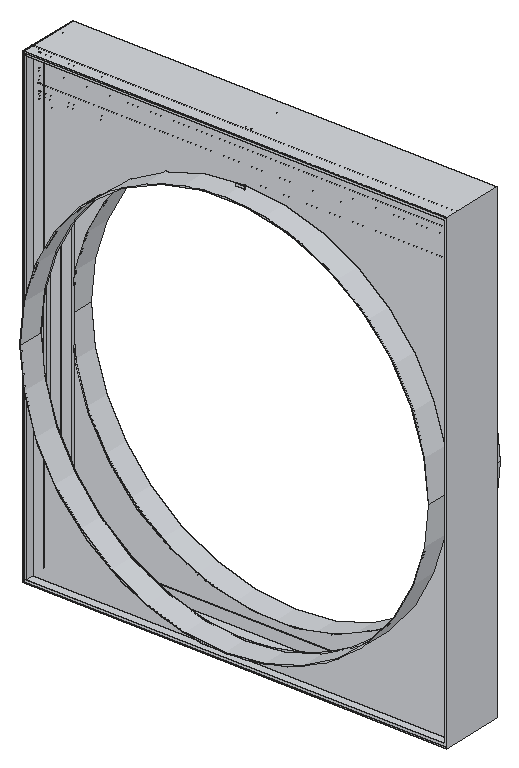
Revit family "FDD-C", category Mechanical Equipment, Revit 2015
Parameters
  URL = "http://unitedenertech.com/catalog/pdf/A-12%20%20FDD-C.pdf"
  Type Comments = "Max. Sizes are (Vertical 71\"w x 32\"h) (Horizontal 35\"w x 32\"h)"
  Radius OD [instance] = Radius + 0' 0 9/256"  # 1' - 0 9/256"
  Radius [instance] = Diameter / 2  # 1' - 0"
  Model = "FDD-C"
  Manufacturer = "United Enertech Corporation"
  Keynote = "Round Transitions Shown, Consult Factory for Models with Rectangular, or Oval Transitions"
  Exact Width = Diameter + 0' 1"  # 2' - 1"
  EFL Height [instance] = Blade Pair Number * 0' 0 13/32" + 0' 0 41/64"  # 0' - 3 31/64"
  Diameter = 2' - 0"
  Description = "Curtain Fire Damper for use in Static or Dynamic Systems"
  Damper Height = if(Diameter < 1' 8 1/4", Diameter + 0' 3", if(Diameter < 2' 8 1/4", Diameter + 0' 4", Diameter + 0' 4"))  # 2' - 4"
  Depth = 0' - 3 11/16"
  Center Mark [instance] = Radius + 0' 1"  # 1' - 1"
  Blade Width [instance] = Exact Width - 0' 0 1/8"  # 2' - 0 7/8"
  Blade Pair Number [instance] = (Damper Height - 0' 0 9/128") / 0' 3 7/8"  # 7
Reference planes (in)
  plane 1 "Center (Front/Back)": y = 0
  plane 2: z = 0
  plane 3 "Center (Left/Right)": x = 0
  plane 4: x = -12.5
  plane 5: x = 12.5
  plane 6: y = -1.84375
  plane 7: y = 1.84375
  plane 8: z = 28
  plane 9: x = -12.4641
  plane 10: x = 12.4641
  plane 11: z = 0.0359
  plane 12: z = 27.9641
  plane 13: y = 1.09375
  plane 14: y = -1.09375
  plane 15: y = -0.96875
  plane 16: y = 0.96875
  plane 17: z = 0.6609
  plane 18: x = -11.8391
  plane 19: x = 11.8391
  plane 20: z = 27.3391
  plane 21: x = -0.25
  plane 22: x = 0.25
  plane 23: z = 24.47973
  plane 24: z = 24.51563
  plane 25: z = 1
  plane 26: z = 13
  plane 27: y = -1.12965
  plane 28: y = 1.12965
  plane 29: y = -1.80785
  plane 30: y = 1.80785
  plane 31: y = -2.59375
  plane 32: y = 2.59375
  plane 33: x = -12.3391
  plane 34: x = 12.3391
  plane 35: z = 0.1609
  plane 36: z = 27.8391
Forms (in)
  Extrusion 1, solid
    sketch origin (0, 0, 0) x (1, 0, 0) y (0, 0, 1)
      loop
        line (-12.4641, 27.9641) -> (-12.4641, 0.0359) -> (12.4641, 0.0359) -> (12.4641, 27.9641) -> (-12.4641, 27.9641)
      loop
        line (-12.5, 28) -> (-12.5, 0) -> (12.5, 0) -> (12.5, 28) -> (-12.5, 28)
    from -1.84375 to 1.84375
  Extrusion 2, solid
    sketch origin (0, 0, 0) x (1, 0, 0) y (0, 0, 1)
      loop
        line (-11.8391, 27.3391) -> (-11.8391, 0.6609) -> (11.8391, 0.6609) -> (11.8391, 27.3391) -> (-11.8391, 27.3391)
      loop
        line (-12.4641, 27.9641) -> (-12.4641, 0.0359) -> (12.4641, 0.0359) -> (12.4641, 27.9641) -> (-12.4641, 27.9641)
    from 0.96875 to 1.09375
  Extrusion 3, solid
    sketch origin (0, 0, 0) x (1, 0, 0) y (0, 0, 1)
      loop
        line (-11.8391, 27.3391) -> (-11.8391, 0.6609) -> (11.8391, 0.6609) -> (11.8391, 27.3391) -> (-11.8391, 27.3391)
      loop
        line (-12.4641, 27.9641) -> (-12.4641, 0.0359) -> (12.4641, 0.0359) -> (12.4641, 27.9641) -> (-12.4641, 27.9641)
    from -1.09375 to -0.96875
  Extrusion 4, solid
    sketch origin (0, 0, 0) x (0, 1, 0) y (0, 0, 1)
      loop
        line (0.96875, 27.9641) -> (0.93285, 27.9641) -> (0.93285, 24.47973) -> (1.43285, 24.47973) -> (1.43285, 25.14848) -> (1.39695, 25.14848) -> (1.39695, 24.51563) -> (0.96875, 24.51563) -> (0.96875, 27.9641)
    from -0.25 to 0.25
  Extrusion 5, solid
    sketch origin (0, 0, 0) x (0, -1, 0) y (0, 0, -1)
      loop
        line (0.96875, -27.9641) -> (0.96875, -24.51563) -> (1.39695, -24.51563) -> (1.39695, -25.14848) -> (1.43285, -25.14848) -> (1.43285, -24.47973) -> (0.93285, -24.47973) -> (0.93285, -27.9641) -> (0.96875, -27.9641)
    from -0.25 to 0.25
  Extrusion 6, solid
    sketch origin (0, 0, 0) x (1, 0, 0) y (0, 0, 1)
      loop
        line (-12.5, 0) -> (12.5, 0) -> (12.5, 28) -> (-12.5, 28) -> (-12.5, 0)
    from 1.09375 to 1.12965
  Extrusion 7, solid
    sketch origin (0, 0, 0) x (1, 0, 0) y (0, 0, 1)
      loop
        line (-12.4641, 0.0359) -> (12.4641, 0.0359) -> (12.4641, 27.9641) -> (-12.4641, 27.9641) -> (-12.4641, 0.0359)
    from -1.12965 to -1.09375
  Extrusion 8, solid
    sketch origin (0, 0, 0) x (1, 0, 0) y (0, 0, 1)
      loop
        circle (0, 13) r 12
      loop
        circle (0, 13) r 12.03516
    from 1.12965 to 2.59375
  Extrusion 9, solid
    sketch origin (0, 0, 0) x (1, 0, 0) y (0, 0, -1)
      loop
        circle (0, -13) r 12
      loop
        circle (0, -13) r 12.03516
    from 1.12965 to 2.59375
  Extrusion 10, solid
    sketch origin (0, 0, 0) x (0, 1, 0) y (0, 0, 1)
      loop
        line (0.18683, 0.46965) -> (0.18683, 24.47973) -> (0.15093, 24.47973) -> (0.15093, 0.46965) -> (0.18683, 0.46965)
    from 11.8391 to 12.4641
  Extrusion 11, solid
    sketch origin (0, 0, 0) x (0, 1, 0) y (0, 0, 1)
      loop
        line (0.18683, 0.46965) -> (0.18683, 24.47973) -> (0.15093, 24.47973) -> (0.15093, 0.46965) -> (0.18683, 0.46965)
    from -11.8391 to -12.4641
  Extrusion 12, solid
    sketch origin (0, 0, 0) x (0, 1, 0) y (0, 0, 1)
      loop
        arc (0.18683, 24.47973) -> (0.08831, 24.87226) -> (-0.15941, 25.19229) r 0.98736
        line (-0.15941, 25.19229) -> (-0.18442, 25.16728)
        arc (-0.18442, 25.16728) -> (0.05139, 24.85674) -> (0.15093, 24.47973) r 1.00288
        line (0.15093, 24.47973) -> (0.18683, 24.47973)
    from 11.8391 to 12.4641
  Extrusion 13, solid
    sketch origin (0, 0, 0) x (0, 1, 0) y (0, 0, 1)
      loop
        arc (0.18683, 24.47973) -> (0.08831, 24.87226) -> (-0.15941, 25.19229) r 0.98736
        line (-0.15941, 25.19229) -> (-0.18442, 25.16728)
        arc (-0.18442, 25.16728) -> (0.05139, 24.85674) -> (0.15093, 24.47973) r 1.00288
        line (0.15093, 24.47973) -> (0.18683, 24.47973)
    from -12.4641 to -11.8391
  Extrusion 14, void
    sketch origin (0, 0, 0) x (1, 0, 0) y (0, 0, 1)
      loop
        circle (0, 13) r 12
    from -3.54736 to -1.09375
  Extrusion 15, void
    sketch origin (0, 0, 0) x (1, 0, 0) y (0, 0, -1)
      loop
        circle (0, -13) r 12
    from -3.54736 to -1.09375
  Extrusion 16, solid
    sketch origin (0, 0, 0) x (1, 0, 0) y (0, 0, 1)
      loop
        line (-12.4641, 27.9641) -> (-12.4641, 0.0359) -> (12.4641, 0.0359) -> (12.4641, 27.9641) -> (-12.4641, 27.9641)
      loop
        line (-12.3391, 27.8391) -> (-12.3391, 0.1609) -> (12.3391, 0.1609) -> (12.3391, 27.8391) -> (-12.3391, 27.8391)
    from -1.84375 to -1.80785
  Extrusion 17, solid
    sketch origin (0, 0, 0) x (1, 0, 0) y (0, 0, 1)
      loop
        line (-12.4641, 27.9641) -> (-12.4641, 0.0359) -> (12.4641, 0.0359) -> (12.4641, 27.9641) -> (-12.4641, 27.9641)
      loop
        line (-12.3391, 27.8391) -> (-12.3391, 0.1609) -> (12.3391, 0.1609) -> (12.3391, 27.8391) -> (-12.3391, 27.8391)
    from 1.84375 to 1.80785
Cuts and joins
  Extrusion 15 cuts Extrusion 3
  Extrusion 15 cuts Extrusion 4
  Extrusion 14, Extrusion 15 cuts Extrusion 7
  Extrusion 15 cuts Extrusion 9
  Extrusion 15 cuts Extrusion 6
Dimensions and locks (in)
  equal spacing: plane 4, plane 3 "Center (Left/Right)", plane 5
  "Exact Width": plane 4 to plane 5
  equal spacing: plane 7, plane 1 "Center (Front/Back)", plane 6
  "Depth": plane 7 to plane 6
  "Damper Height": plane 8 to level
  locked: plane 9 to plane 4 at 0.0359
  locked: plane 5 to plane 10 at 0.0359
  locked: plane 8 to plane 12 at 0.0359
  locked: plane 11 to level at 0.0359
  locked: plane 13 to plane 14 at 2.1875
  locked: plane 15 to plane 14 at 0.125
  locked: plane 13 to plane 16 at 0.125
  locked: plane 18 to plane 9 at 0.625
  locked: plane 10 to plane 19 at 0.625
  locked: plane 17 to plane 11 at 0.625
  locked: plane 12 to plane 20 at 0.625
  equal spacing: group 1, group 2, group 3, group 4, group 5, group 6, group 7  (x2)
  equal spacing: group 7, group 6, group 5, group 4, group 3, group 2, group 1
  locked: nested 1 to nested 2 at 0.40625
  "EFL Height": plane 12 to plane 23
  locked: plane 24 to plane 23 at 0.0359
  locked: plane 25 to level at 1
  "Center Mark": plane 26 to level
  locked: plane 14 to plane 27 at 0.0359
  locked: plane 13 to plane 28 at 0.0359
  locked: plane 29 to plane 6 at 0.0359
  locked: plane 7 to plane 30 at 0.0359
  locked: plane 6 to plane 31 at 0.75
  locked: plane 32 to plane 7 at 0.75
  locked: plane 9 to plane 33 at 0.125
  locked: plane 10 to plane 34 at 0.125
  locked: plane 35 to plane 11 at 0.125
  locked: plane 12 to plane 36 at 0.125
  "Radius OD": radius of Extrusion 8 sketch curve
  "Radius": radius of Extrusion 8 sketch curve
  "Radius OD": radius of Extrusion 9 sketch curve
  "Radius": radius of Extrusion 9 sketch curve
  "Radius": radius of Extrusion 14 sketch curve
  "Radius": radius of Extrusion 15 sketch curve
  aligned and locked: level to plane 2
  aligned and locked: level to Extrusion 1 sketch curve
  aligned and locked: Extrusion 1 sketch curve to plane 4
  aligned and locked: Extrusion 1 sketch curve to plane 5
  aligned and locked: Extrusion 1 sketch curve to plane 8
  aligned and locked: Extrusion 1 sketch curve to plane 12
  aligned and locked: Extrusion 1 sketch curve to plane 10
  aligned and locked: plane 11 to Extrusion 1 sketch curve
  aligned and locked: plane 9 to Extrusion 1 sketch curve
  aligned and locked: plane 7 to Extrusion 1
  aligned and locked: Extrusion 1 to plane 6
  aligned and locked: plane 11 to Extrusion 2 sketch curve
  aligned and locked: plane 9 to Extrusion 2 sketch curve
  aligned and locked: Extrusion 2 sketch curve to plane 10
  aligned and locked: Extrusion 2 sketch curve to plane 12
  aligned and locked: Extrusion 2 sketch curve to plane 20
  aligned and locked: Extrusion 2 sketch curve to plane 19
  aligned and locked: plane 17 to Extrusion 2 sketch curve
  aligned and locked: Extrusion 2 sketch curve to plane 18
  aligned and locked: plane 13 to Extrusion 3
  aligned and locked: Extrusion 3 to plane 16
  aligned and locked: plane 15 to Extrusion 2
  aligned and locked: Extrusion 2 to plane 14
  aligned and locked: plane 3 "Center (Left/Right)" to nested 1
  aligned and locked: plane 12 to nested 1
  aligned and locked: plane 21 to Extrusion 5
  aligned and locked: plane 21 to Extrusion 4
  aligned and locked: plane 22 to Extrusion 5
  aligned and locked: plane 22 to Extrusion 4
  aligned and locked: Extrusion 5 sketch curve to plane 23
  aligned and locked: plane 23 to Extrusion 4 sketch curve
  aligned and locked: plane 24 to Extrusion 4 sketch curve
  aligned and locked: Extrusion 5 sketch curve to plane 24
  aligned and locked: nested 3 to plane 24
  aligned and locked: Extrusion 6 sketch curve to level
  aligned and locked: plane 4 to Extrusion 6 sketch curve
  aligned and locked: plane 5 to Extrusion 6 sketch curve
  aligned and locked: plane 8 to Extrusion 6 sketch curve
  aligned and locked: nested 4 to plane 9
  aligned and locked: plane 10 to nested 5
  aligned and locked: Extrusion 10 sketch curve to plane 23
  aligned and locked: Extrusion 11 to plane 9
  aligned and locked: Extrusion 11 to plane 18
  aligned and locked: Extrusion 10 to plane 19
  aligned and locked: Extrusion 10 to plane 10
  aligned and locked: Extrusion 12 sketch curve to plane 23
  aligned and locked: Extrusion 13 to plane 9
  aligned and locked: Extrusion 13 to plane 18
  aligned and locked: plane 10 to Extrusion 12
  aligned and locked: Extrusion 12 to plane 19
  aligned and locked: Extrusion 7 to plane 10
  aligned and locked: plane 12 to Extrusion 7
  aligned and locked: Extrusion 7 to plane 9
  aligned and locked: Extrusion 7 to plane 11
  aligned and locked: Extrusion 7 to plane 13
  aligned and locked: Extrusion 7 to plane 28
  aligned and locked: Extrusion 9 to plane 32
  aligned and locked: Extrusion 8 to plane 31
  aligned and locked: plane 27 to Extrusion 8
  aligned and locked: plane 28 to Extrusion 9
  aligned and locked: Extrusion 14 to plane 13
  aligned and locked: plane 14 to Extrusion 15
  aligned and locked: Extrusion 16 sketch curve to plane 35
  aligned and locked: Extrusion 16 sketch curve to plane 36
  aligned and locked: Extrusion 16 sketch curve to plane 33
  aligned and locked: Extrusion 16 sketch curve to plane 34
  aligned and locked: Extrusion 16 sketch curve to plane 10
  aligned and locked: plane 11 to Extrusion 16 sketch curve
  aligned and locked: plane 9 to Extrusion 16 sketch curve
  aligned and locked: Extrusion 16 sketch curve to plane 12
  aligned and locked: plane 7 to Extrusion 16
  aligned and locked: Extrusion 16 to plane 30
  aligned and locked: Extrusion 17 to plane 29
  aligned and locked: Extrusion 17 to plane 6
Automatic sketch dimensions
  Extrusion 3 sketch curve to plane 9 = 0' - 0"
  Extrusion 3 sketch curve to plane 17 = 0' - 0"
  plane 18 to Extrusion 3 sketch curve = 0' - 0"
  Extrusion 3 sketch curve to plane 19 = 0' - 0"
  plane 10 to Extrusion 3 sketch curve = 0' - 0"
  Extrusion 3 sketch curve to plane 11 = 0' - 0"
  Extrusion 3 sketch curve to plane 20 = 0' - 0"
  Extrusion 3 sketch curve to plane 12 = 0' - 0"
  Extrusion 4 sketch curve to plane 12 = 0' - 0"
  Extrusion 4 sketch curve to plane 16 = 0' - 0"
  Extrusion 4 sketch curve to plane 16 = 0' - 0.0359"
  Extrusion 4 sketch curve to plane 28 = 0' - 0.2673"
  Extrusion 4 sketch curve to Extrusion 4 sketch curve = 0' - 0.0359"
  plane 24 to Extrusion 4 sketch curve = 0' - 0.63285"
  Extrusion 5 sketch curve to plane 12 = 0' - 0"
  Extrusion 5 sketch curve to plane 15 = 0' - 0"
  Extrusion 5 sketch curve to plane 15 = 0' - 0.0359"
  plane 27 to Extrusion 5 sketch curve = 0' - 0.2673"
  Extrusion 5 sketch curve to Extrusion 5 sketch curve = 0' - 0.0359"
  Extrusion 5 sketch curve to plane 24 = 0' - 0.63285"
  Extrusion 7 sketch curve to plane 9 = 0' - 0"
  Extrusion 7 sketch curve to plane 10 = 0' - 0"
  Extrusion 7 sketch curve to plane 11 = 0' - 0"
  Extrusion 7 sketch curve to plane 12 = 0' - 0"
  Extrusion 10 sketch curve to plane 1 "Center (Front/Back)" = 0' - 0.15093"
  Extrusion 10 sketch curve to Extrusion 10 sketch curve = 0' - 0.0359"
  Extrusion 10 sketch curve to plane 17 = 0' - 0.19125"
  Extrusion 11 sketch curve to plane 23 = 0' - 0"
  Extrusion 11 sketch curve to plane 1 "Center (Front/Back)" = 0' - 0.15093"
  Extrusion 11 sketch curve to Extrusion 11 sketch curve = 0' - 0.0359"
  Extrusion 11 sketch curve to plane 17 = 0' - 0.19125"
  plane 15 to Extrusion 12 sketch curve = 0' - 0.11876"
  Extrusion 12 sketch curve to Extrusion 12 sketch curve = 0' - 0.05023"
  plane 1 "Center (Front/Back)" to Extrusion 12 sketch curve = 0' - 0.18442"
  Extrusion 12 sketch curve to Extrusion 12 sketch curve = 0' - 0.02501"
  Extrusion 12 sketch curve to plane 1 "Center (Front/Back)" = 0' - 0.15093"
  Extrusion 12 sketch curve to Extrusion 12 sketch curve = 0' - 0.0359"
  Extrusion 12 sketch curve to plane 23 = 0' - 0.03898"
  Extrusion 12 sketch curve to Extrusion 12 sketch curve = 0' - 0.02364"
  Extrusion 13 sketch curve to plane 23 = 0' - 0"
  plane 15 to Extrusion 13 sketch curve = 0' - 0.11876"
  Extrusion 13 sketch curve to Extrusion 13 sketch curve = 0' - 0.05023"
  plane 1 "Center (Front/Back)" to Extrusion 13 sketch curve = 0' - 0.18442"
  Extrusion 13 sketch curve to Extrusion 13 sketch curve = 0' - 0.02501"
  Extrusion 13 sketch curve to plane 1 "Center (Front/Back)" = 0' - 0.15093"
  Extrusion 13 sketch curve to Extrusion 13 sketch curve = 0' - 0.0359"
  Extrusion 13 sketch curve to plane 23 = 0' - 0.03898"
  Extrusion 13 sketch curve to Extrusion 13 sketch curve = 0' - 0.02364"
  Extrusion 17 sketch curve to plane 9 = 0' - 0"
  plane 33 to Extrusion 17 sketch curve = 0' - 0"
  Extrusion 17 sketch curve to plane 34 = 0' - 0"
  Extrusion 17 sketch curve to plane 10 = 0' - 0"
  Extrusion 17 sketch curve to plane 11 = 0' - 0"
  Extrusion 17 sketch curve to plane 35 = 0' - 0"
  Extrusion 17 sketch curve to plane 36 = 0' - 0"
  Extrusion 17 sketch curve to plane 12 = 0' - 0"
  Extrusion 8 sketch curve to Extrusion 8 sketch curve = 0' - 0"  (x2)
  Extrusion 8 sketch curve to plane 3 "Center (Left/Right)" = 0' - 0"
  Extrusion 8 sketch curve to plane 26 = 0' - 0"
  Extrusion 9 sketch curve to Extrusion 9 sketch curve = 0' - 0"  (x2)
  Extrusion 9 sketch curve to plane 3 "Center (Left/Right)" = 0' - 0"
  Extrusion 9 sketch curve to plane 26 = 0' - 0"
  Extrusion 14 sketch curve to plane 3 "Center (Left/Right)" = 0' - 0"
  Extrusion 14 sketch curve to plane 26 = 0' - 0"
  Extrusion 15 sketch curve to plane 3 "Center (Left/Right)" = 0' - 0"
  Extrusion 15 sketch curve to plane 26 = 0' - 0"
Nested families (in)
  nested 1: "FD-SALB BLADESEDITED" at (0, 1.17008, 27.12138), type "FD-SALB BLADESEDITED"
    with Blade Width 2' - 0 7/8"
  nested 2: "FD-SALB BLADESEDITED" at (0, 1.17008, 26.71513), type "FD-SALB BLADESEDITED"
    with Blade Width 2' - 0 7/8"
  nested 3: "EFL" at (4.62017, 3.54736, 24.51563), type "EFL"
  nested 4: "Fire Damper Spring" at (-11.91019, -4.48368, -2.82915) x (0, 1, 0) z (0, 0, 1), type "Fire Damper Spring"
  nested 5: "Fire Damper Spring" at (11.91019, -4.48368, -2.82915) x (0, 1, 0) z (0, 0, 1), type "Fire Damper Spring"
  nested 6: "FD-SALB BLADESEDITED" at (0, 1.17008, 26.30888), type "FD-SALB BLADESEDITED"
    with Blade Width 2' - 0 7/8"
  nested 7: "FD-SALB BLADESEDITED" at (0, 1.17008, 25.90263), type "FD-SALB BLADESEDITED"
    with Blade Width 2' - 0 7/8"
  nested 8: "FD-SALB BLADESEDITED" at (0, 1.17008, 25.49638), type "FD-SALB BLADESEDITED"
    with Blade Width 2' - 0 7/8"
  nested 9: "FD-SALB BLADESEDITED" at (0, 1.17008, 25.09013), type "FD-SALB BLADESEDITED"
    with Blade Width 2' - 0 7/8"
  nested 10: "FD-SALB BLADESEDITED" at (0, 1.17008, 24.68388), type "FD-SALB BLADESEDITED"
    with Blade Width 2' - 0 7/8"
Definition of nested family "FD-SALB BLADESEDITED"
  Parameters (values of type "FD-SALB BLADESEDITED")
    Blade Width = 1' - 11 7/8"
  Reference planes (in)
    plane 1 "Center (Front/Back)": y = 0
    plane 2: z = 0
    plane 3 "Center (Left/Right)": x = 0
    plane 4: x = -11.9375
    plane 5: x = 11.9375
  Forms (in)
    Extrusion 1, solid
      sketch origin (0, 0, 0) x (0, 1, 0) y (0, 0, 1)
        loop
          line (-0.31672, 0.53073) -> (-0.3446, 0.62657)
          arc (-0.3446, 0.62657) -> (-0.33726, 0.6415) -> (-0.32269, 0.63348) r 0.0115
          line (-0.32269, 0.63348) -> (-0.30545, 0.53536)
          arc (-0.30545, 0.53536) -> (-0.31611, 0.49773) -> (-0.35217, 0.48264) r 0.045
          line (-0.35217, 0.48264) -> (-0.39872, 0.48554)
          arc (-0.39872, 0.48554) -> (-0.42675, 0.49692) -> (-0.44125, 0.52348) r 0.045
          line (-0.44125, 0.52348) -> (-0.47071, 0.66865)
          arc (-0.47071, 0.66865) -> (-0.48965, 0.70349) -> (-0.5262, 0.7189) r 0.06
          line (-0.5262, 0.7189) -> (-1.55698, 0.78305) -> (-1.76244, 0.79584)
          arc (-1.76244, 0.79584) -> (-1.79846, 0.78683) -> (-1.82228, 0.75836) r 0.06
          line (-1.82228, 0.75836) -> (-1.88016, 0.61423)
          arc (-1.88016, 0.61423) -> (-1.90974, 0.57877) -> (-1.95445, 0.56733) r 0.075
          arc (-1.95445, 0.56733) -> (-2.03902, 0.60869) -> (-2.06957, 0.69773) r 0.123
          line (-2.06957, 0.69773) -> (-2.06418, 0.78456)
          arc (-2.06418, 0.78456) -> (-2.05371, 0.80551) -> (-2.03138, 0.81256) r 0.03
          line (-2.03138, 0.81256) -> (-1.90763, 0.80489) -> (-1.90763, 0.8362) -> (-2.01284, 0.84272) -> (-2.04641, 0.84272)
          arc (-2.04641, 0.84272) -> (-2.08042, 0.82292) -> (-2.09536, 0.7865) r 0.06125
          line (-2.09536, 0.7865) -> (-2.10077, 0.69966)
          arc (-2.10077, 0.69966) -> (-2.06244, 0.58801) -> (-1.95639, 0.53614) r 0.15425
          arc (-1.95639, 0.53614) -> (-1.89306, 0.55235) -> (-1.8512, 0.60257) r 0.10625
          line (-1.8512, 0.60257) -> (-1.7933, 0.74674)
          arc (-1.7933, 0.74674) -> (-1.78183, 0.76038) -> (-1.76452, 0.76466) r 0.02875
          line (-1.76452, 0.76466) -> (-1.55892, 0.75186) -> (-0.52813, 0.68773)
          arc (-0.52813, 0.68773) -> (-0.51045, 0.68016) -> (-0.50148, 0.66314) r 0.02875
          line (-0.50148, 0.66314) -> (-0.47199, 0.51784)
          arc (-0.47199, 0.51784) -> (-0.4474, 0.47346) -> (-0.4004, 0.45434) r 0.07625
          line (-0.4004, 0.45434) -> (-0.35398, 0.45144)
          arc (-0.35398, 0.45144) -> (-0.29278, 0.47694) -> (-0.27468, 0.54073) r 0.07625
          line (-0.27468, 0.54073) -> (-0.29191, 0.63889)
          arc (-0.29191, 0.63889) -> (-0.33988, 0.67434) -> (-0.37768, 0.6282) r 0.04327
          line (-0.37768, 0.6282) -> (-0.34677, 0.52199) -> (-0.31672, 0.53073)
      from -11.9375 to 11.9375
    Extrusion 2, solid
      sketch origin (0, 0, 0) x (0, 1, 0) y (0, 0, 1)
        loop
          arc (-0.31635, 0.67497) -> (-0.29361, 0.66856) -> (-0.28256, 0.64768) r 0.03
          line (-0.28256, 0.64768) -> (-0.2714, 0.56286)
          arc (-0.2714, 0.56286) -> (-0.29582, 0.47194) -> (-0.37737, 0.42491) r 0.123
          arc (-0.37737, 0.42491) -> (-0.42275, 0.43328) -> (-0.45469, 0.46664) r 0.075
          line (-0.45469, 0.46664) -> (-0.52225, 0.60648)
          arc (-0.52225, 0.60648) -> (-0.54755, 0.63305) -> (-0.58358, 0.63992) r 0.06
          line (-0.58358, 0.63992) -> (-0.78858, 0.61304) -> (-1.81262, 0.47877)
          arc (-1.81262, 0.47877) -> (-1.84723, 0.46173) -> (-1.86432, 0.42714) r 0.06
          line (-1.86432, 0.42714) -> (-1.88437, 0.27537)
          arc (-1.88437, 0.27537) -> (-1.89734, 0.2499) -> (-1.92301, 0.23735) r 0.045
          line (-1.92301, 0.23735) -> (-1.96868, 0.2314)
          arc (-1.96868, 0.2314) -> (-2.00696, 0.24361) -> (-2.02023, 0.28153) r 0.045
          line (-2.02023, 0.28153) -> (-2.00995, 0.379)
          arc (-2.00995, 0.379) -> (-1.99657, 0.38882) -> (-1.98728, 0.37505) r 0.0115
          line (-1.98728, 0.37505) -> (-2.00879, 0.27676) -> (-1.97772, 0.26996) -> (-1.95543, 0.37179)
          arc (-1.95543, 0.37179) -> (-1.99381, 0.41919) -> (-2.04121, 0.38081) r 0.04313
          line (-2.04121, 0.38081) -> (-2.05127, 0.28509)
          arc (-2.05127, 0.28509) -> (-2.02877, 0.22122) -> (-1.96431, 0.20045) r 0.07625
          line (-1.96431, 0.20045) -> (-1.91897, 0.20638)
          arc (-1.91897, 0.20638) -> (-1.87533, 0.22771) -> (-1.85342, 0.27106) r 0.07625
          line (-1.85342, 0.27106) -> (-1.83333, 0.42305)
          arc (-1.83333, 0.42305) -> (-1.82514, 0.43962) -> (-1.80853, 0.44779) r 0.02875
          line (-1.80853, 0.44779) -> (-0.78452, 0.58205) -> (-0.57967, 0.60892)
          arc (-0.57967, 0.60892) -> (-0.56246, 0.60559) -> (-0.55039, 0.5929) r 0.02875
          line (-0.55039, 0.5929) -> (-0.48278, 0.45303)
          arc (-0.48278, 0.45303) -> (-0.4376, 0.40578) -> (-0.37331, 0.39393) r 0.10625
          arc (-0.37331, 0.39393) -> (-0.27103, 0.4529) -> (-0.24041, 0.56695) r 0.15425
          line (-0.24041, 0.56695) -> (-0.2515, 0.65113)
          arc (-0.2515, 0.65113) -> (-0.27433, 0.69316) -> (-0.32041, 0.70596) r 0.06125
          line (-0.32041, 0.70596) -> (-0.44437, 0.68971) -> (-0.44031, 0.65872) -> (-0.31635, 0.67497)
      from -11.9375 to 11.9375
  Dimensions and locks (in)
    equal spacing: plane 4, plane 3 "Center (Left/Right)", plane 5
    "Blade Width": plane 4 to plane 5
    aligned and locked: level to plane 2
    aligned and locked: plane 4 to Extrusion 1
    aligned and locked: plane 4 to Extrusion 2
    aligned and locked: plane 5 to Extrusion 1
    aligned and locked: plane 5 to Extrusion 2
  Automatic sketch dimensions
    Extrusion 2 sketch curve to Extrusion 2 sketch curve = 0' - 0"  (x35)
    level to Extrusion 2 sketch curve = 0' - 0.28509"
    plane 1 "Center (Front/Back)" to Extrusion 2 sketch curve = 0' - 2.05127"
    level to Extrusion 2 sketch curve = 0' - 0.38081"
    Extrusion 2 sketch curve to Extrusion 2 sketch curve = 0' - 0.01006"
    level to Extrusion 2 sketch curve = 0' - 0.28153"
    Extrusion 2 sketch curve to Extrusion 2 sketch curve = 0' - 0.03105"
    level to Extrusion 2 sketch curve = 0' - 0.27676"
    Extrusion 2 sketch curve to Extrusion 2 sketch curve = 0' - 0.01143"  (x2)
    Extrusion 2 sketch curve to Extrusion 2 sketch curve = 0' - 0.04266"
    Extrusion 2 sketch curve to Extrusion 2 sketch curve = 0' - 0.00023"
    level to Extrusion 2 sketch curve = 0' - 0.26996"
    Extrusion 2 sketch curve to Extrusion 2 sketch curve = 0' - 0.03107"
    Extrusion 2 sketch curve to Extrusion 2 sketch curve = 0' - 0.00213"
    level to Extrusion 2 sketch curve = 0' - 0.2314"
    Extrusion 2 sketch curve to Extrusion 2 sketch curve = 0' - 0.00904"
    level to Extrusion 2 sketch curve = 0' - 0.20045"
    level to Extrusion 2 sketch curve = 0' - 0.37179"
    Extrusion 2 sketch curve to Extrusion 2 sketch curve = 0' - 0.0467"
    level to Extrusion 2 sketch curve = 0' - 0.27537"
    Extrusion 2 sketch curve to Extrusion 2 sketch curve = 0' - 0.04451"
    level to Extrusion 2 sketch curve = 0' - 0.27106"
    Extrusion 2 sketch curve to Extrusion 2 sketch curve = 0' - 0.03095"
    Extrusion 2 sketch curve to Extrusion 2 sketch curve = 0' - 0.0486"
    plane 1 "Center (Front/Back)" to Extrusion 2 sketch curve = 0' - 0.78452"
    Extrusion 2 sketch curve to Extrusion 2 sketch curve = 0' - 0.20094"
    Extrusion 2 sketch curve to Extrusion 2 sketch curve = 0' - 0 1/256"  (x2)
    Extrusion 2 sketch curve to Extrusion 2 sketch curve = 0' - 0.0034"
    Extrusion 2 sketch curve to Extrusion 2 sketch curve = 0' - 0.13921"
    Extrusion 2 sketch curve to Extrusion 2 sketch curve = 0' - 0.00406"  (x3)
    Extrusion 2 sketch curve to Extrusion 2 sketch curve = 0' - 0.04695"
    Extrusion 2 sketch curve to Extrusion 2 sketch curve = 0' - 0.00624"
    Extrusion 2 sketch curve to Extrusion 2 sketch curve = 0' - 0.0809"
    Extrusion 2 sketch curve to Extrusion 2 sketch curve = 0' - 0.0299"
    Extrusion 2 sketch curve to Extrusion 2 sketch curve = 0' - 0.03106"
    Extrusion 2 sketch curve to Extrusion 2 sketch curve = 0' - 0.00661"
    Extrusion 2 sketch curve to Extrusion 2 sketch curve = 0' - 0.00119"
    Extrusion 2 sketch curve to Extrusion 2 sketch curve = 0' - 0.14822"
    level to Extrusion 2 sketch curve = 0' - 0.49927"
    Extrusion 2 sketch curve to Extrusion 2 sketch curve = 0' - 0.04759"
    Extrusion 2 sketch curve to Extrusion 2 sketch curve = 0' - 0.0335"
    Extrusion 2 sketch curve to Extrusion 2 sketch curve = 0' - 0.00168"
    Extrusion 2 sketch curve to Extrusion 2 sketch curve = 0' - 0.02855"
    Extrusion 2 sketch curve to Extrusion 2 sketch curve = 0' - 0.031"
    Extrusion 2 sketch curve to Extrusion 2 sketch curve = 0' - 0.09835"
    Extrusion 2 sketch curve to Extrusion 2 sketch curve = 0' - 0.00246"
    Extrusion 2 sketch curve to Extrusion 2 sketch curve = 0' - 0.00345"
    Extrusion 2 sketch curve to Extrusion 2 sketch curve = 0' - 0.11186"
    Extrusion 2 sketch curve to Extrusion 2 sketch curve = 0' - 0.03098"  (x3)
    level to Extrusion 2 sketch curve = 0' - 0.37898"
    Extrusion 2 sketch curve to Extrusion 2 sketch curve = 0' - 0.00003"  (x4)
    Extrusion 2 sketch curve to Extrusion 2 sketch curve = 0' - 0.01101"
    level to Extrusion 2 sketch curve = 0' - 0.37505"
    Extrusion 2 sketch curve to Extrusion 2 sketch curve = 0' - 0.00585"
    level to Extrusion 2 sketch curve = 0' - 0.23735"
    Extrusion 2 sketch curve to Extrusion 2 sketch curve = 0' - 0.00404"
    level to Extrusion 2 sketch curve = 0' - 0.20636"
    level to Extrusion 2 sketch curve = 0' - 0.42714"
    Extrusion 2 sketch curve to Extrusion 2 sketch curve = 0' - 0.0595"
    level to Extrusion 2 sketch curve = 0' - 0.42305"
    Extrusion 2 sketch curve to Extrusion 2 sketch curve = 0' - 0.02852"
    Extrusion 2 sketch curve to Extrusion 2 sketch curve = 0' - 0.0207"
    level to Extrusion 2 sketch curve = 0' - 0.47878"
    Extrusion 2 sketch curve to Extrusion 2 sketch curve = 0' - 0.00374"
    level to Extrusion 2 sketch curve = 0' - 0.44779"
    Extrusion 2 sketch curve to Extrusion 2 sketch curve = 0' - 0.02588"
    Extrusion 2 sketch curve to Extrusion 2 sketch curve = 0' - 0.02814"
    Extrusion 2 sketch curve to Extrusion 2 sketch curve = 0' - 0.0957"
    Extrusion 2 sketch curve to Extrusion 2 sketch curve = 0' - 0.00004"  (x2)
    Extrusion 2 sketch curve to Extrusion 2 sketch curve = 0' - 0.02809"
    Extrusion 2 sketch curve to Extrusion 2 sketch curve = 0' - 0.00975"
    Extrusion 2 sketch curve to Extrusion 2 sketch curve = 0' - 0.00796"
    Extrusion 2 sketch curve to Extrusion 2 sketch curve = 0' - 0.01116"
    Extrusion 2 sketch curve to Extrusion 2 sketch curve = 0' - 0.00002"
    Extrusion 1 sketch curve to Extrusion 1 sketch curve = 0' - 0"  (x30)
    level to Extrusion 1 sketch curve = 0' - 0.7827"
    plane 1 "Center (Front/Back)" to Extrusion 1 sketch curve = 0' - 2.03423"
    Extrusion 1 sketch curve to Extrusion 1 sketch curve = 0' - 0.00284"
    Extrusion 1 sketch curve to Extrusion 1 sketch curve = 0' - 0.01854"
    Extrusion 1 sketch curve to Extrusion 1 sketch curve = 0' - 0.08443"
    Extrusion 1 sketch curve to Extrusion 1 sketch curve = 0' - 0.00298"
    Extrusion 1 sketch curve to Extrusion 1 sketch curve = 0' - 0.03918"
    Extrusion 1 sketch curve to Extrusion 1 sketch curve = 0' - 0.14102"
    level to Extrusion 1 sketch curve = 0' - 0.76466"
    Extrusion 1 sketch curve to Extrusion 1 sketch curve = 0' - 0.00209"
    level to Extrusion 1 sketch curve = 0' - 0.79584"
    Extrusion 1 sketch curve to Extrusion 1 sketch curve = 0' - 0.00208"  (x2)
    level to Extrusion 1 sketch curve = 0' - 0.75186"
    Extrusion 1 sketch curve to Extrusion 1 sketch curve = 0' - 0.2056"
    Extrusion 1 sketch curve to Extrusion 1 sketch curve = 0' - 0.00194"  (x2)
    plane 1 "Center (Front/Back)" to Extrusion 1 sketch curve = 0' - 0.52993"
    Extrusion 1 sketch curve to Extrusion 1 sketch curve = 0' - 0.02845"
    Extrusion 1 sketch curve to Extrusion 1 sketch curve = 0' - 0.02949"
    Extrusion 1 sketch curve to Extrusion 1 sketch curve = 0' - 0.03077"  (x2)
    Extrusion 1 sketch curve to Extrusion 1 sketch curve = 0' - 0.03074"
    Extrusion 1 sketch curve to Extrusion 1 sketch curve = 0' - 0.04085"
    Extrusion 1 sketch curve to Extrusion 1 sketch curve = 0' - 0.00168"
    Extrusion 1 sketch curve to Extrusion 1 sketch curve = 0' - 0.04445"
    Extrusion 1 sketch curve to Extrusion 1 sketch curve = 0' - 0.01912"
    Extrusion 1 sketch curve to Extrusion 1 sketch curve = 0' - 0.04641"
    Extrusion 1 sketch curve to Extrusion 1 sketch curve = 0' - 0.00182"
    Extrusion 1 sketch curve to Extrusion 1 sketch curve = 0' - 0.00238"
    Extrusion 1 sketch curve to Extrusion 1 sketch curve = 0' - 0.00302"
    Extrusion 1 sketch curve to Extrusion 1 sketch curve = 0' - 0.03307"
    Extrusion 1 sketch curve to Extrusion 1 sketch curve = 0' - 0.01008"
    Extrusion 1 sketch curve to Extrusion 1 sketch curve = 0' - 0.00072"
    Extrusion 1 sketch curve to Extrusion 1 sketch curve = 0' - 0.01112"
    Extrusion 1 sketch curve to Extrusion 1 sketch curve = 0' - 0.03006"
    Extrusion 1 sketch curve to Extrusion 1 sketch curve = 0' - 0.03078"
    Extrusion 1 sketch curve to Extrusion 1 sketch curve = 0' - 0.02867"
    Extrusion 1 sketch curve to Extrusion 1 sketch curve = 0' - 0.09261"
    level to Extrusion 1 sketch curve = 0' - 0.66865"
    Extrusion 1 sketch curve to Extrusion 1 sketch curve = 0' - 0.00551"
    Extrusion 1 sketch curve to Extrusion 1 sketch curve = 0' - 0.00412"
    Extrusion 1 sketch curve to Extrusion 1 sketch curve = 0' - 0.04791"
    Extrusion 1 sketch curve to Extrusion 1 sketch curve = 0' - 0.02976"
    Extrusion 1 sketch curve to Extrusion 1 sketch curve = 0' - 0.00541"
    Extrusion 1 sketch curve to Extrusion 1 sketch curve = 0' - 0.00087"
    Extrusion 1 sketch curve to Extrusion 1 sketch curve = 0' - 0.00852"
    Extrusion 1 sketch curve to Extrusion 1 sketch curve = 0' - 0.00559"
    Extrusion 1 sketch curve to Extrusion 1 sketch curve = 0' - 0.00702"
    Extrusion 1 sketch curve to Extrusion 1 sketch curve = 0' - 0.00564"
    Extrusion 1 sketch curve to Extrusion 1 sketch curve = 0' - 0.03935"
    Extrusion 1 sketch curve to Extrusion 1 sketch curve = 0' - 0.0312"
    Extrusion 1 sketch curve to Extrusion 1 sketch curve = 0' - 0.03119"
    Extrusion 1 sketch curve to Extrusion 1 sketch curve = 0' - 0.1148"
    Extrusion 1 sketch curve to Extrusion 1 sketch curve = 0' - 0.03131"
    Extrusion 1 sketch curve to Extrusion 1 sketch curve = 0' - 0.02994"
    level to Extrusion 1 sketch curve = 0' - 0.78456"
    Extrusion 1 sketch curve to Extrusion 1 sketch curve = 0' - 0.00539"
    level to Extrusion 1 sketch curve = 0' - 0.69772"
    Extrusion 1 sketch curve to Extrusion 1 sketch curve = 0' - 0.03117"
    Extrusion 1 sketch curve to Extrusion 1 sketch curve = 0' - 0.03118"
    level to Extrusion 1 sketch curve = 0' - 0.69966"
    Extrusion 1 sketch curve to Extrusion 1 sketch curve = 0' - 0.03357"
    Extrusion 1 sketch curve to Extrusion 1 sketch curve = 0' - 0.0066"
    Extrusion 1 sketch curve to Extrusion 1 sketch curve = 0' - 0.06959"
    level to Extrusion 1 sketch curve = 0' - 0.61423"
    Extrusion 1 sketch curve to Extrusion 1 sketch curve = 0' - 0.00004"  (x2)
    Extrusion 1 sketch curve to Extrusion 1 sketch curve = 0' - 0.02896"
    level to Extrusion 1 sketch curve = 0' - 0.60259"
    level to Extrusion 1 sketch curve = 0' - 0.75838"
    Extrusion 1 sketch curve to Extrusion 1 sketch curve = 0' - 0.05778"
    level to Extrusion 1 sketch curve = 0' - 0.74674"
    Extrusion 1 sketch curve to Extrusion 1 sketch curve = 0' - 0.02669"
    Extrusion 1 sketch curve to Extrusion 1 sketch curve = 0' - 0.00179"
    Extrusion 1 sketch curve to Extrusion 1 sketch curve = 0' - 0.00193"
    Extrusion 1 sketch curve to Extrusion 1 sketch curve = 0' - 0.01125"
    Extrusion 1 sketch curve to Extrusion 1 sketch curve = 0' - 0.00003"
    Extrusion 1 sketch curve to Extrusion 1 sketch curve = 0' - 0.05622"
    Extrusion 1 sketch curve to Extrusion 1 sketch curve = 0' - 0.03016"
Definition of nested family "EFL"
  Reference planes (in)
    plane 1 "Center (Front/Back)": y = 0
    plane 2: z = 0
    plane 3 "Center (Left/Right)": x = 0
  Forms (in)
    Extrusion 1, solid
      sketch origin (0, 0, 0) x (1, 0, 0) y (0, 1, 0)
        loop
          arc (-4.87017, -4.05324) -> (-4.81525, -4.18582) -> (-4.68267, -4.24074) r 0.1875
          line (-4.68267, -4.24074) -> (-4.55767, -4.24074)
          arc (-4.55767, -4.24074) -> (-4.42508, -4.18582) -> (-4.37017, -4.05324) r 0.1875
          line (-4.37017, -4.05324) -> (-4.37017, -3.41574) -> (-4.87017, -3.41574) -> (-4.87017, -4.05324)
        loop
          circle (-4.62017, -4.05324) r 0.0625
      from 0.1 to 0.05
    Extrusion 2, solid
      sketch origin (-9.24033, -7.08147, 0) x (-1, 0, 0) y (0, -1, 0)
        loop
          arc (-4.87017, -4.05324) -> (-4.81525, -4.18582) -> (-4.68267, -4.24074) r 0.1875
          line (-4.68267, -4.24074) -> (-4.55767, -4.24074)
          arc (-4.55767, -4.24074) -> (-4.42508, -4.18582) -> (-4.37017, -4.05324) r 0.1875
          line (-4.37017, -4.05324) -> (-4.37017, -3.41574) -> (-4.87017, -3.41574) -> (-4.87017, -4.05324)
        loop
          circle (-4.62017, -4.05324) r 0.0625
      from 0 to 0.05
    Sweep 3, solid
      path in 3D
        loop
          line (-4.62017, -4.16421, 0) -> (-4.62017, -4.22608, 0)
          arc (-4.62017, -4.22608, 0) -> (-4.65678, -4.31447, 0) -> (-4.74517, -4.35108, 0) r 0.125
          line (-4.74517, -4.35108, 0) -> (-4.92568, -4.35108, 0)
          arc (-4.92568, -4.35108, 0) -> (-5.02859, -4.454, 0) -> (-4.92568, -4.55691, 0) r 0.10291
          line (-4.92568, -4.55691, 0) -> (-4.62017, -4.55691, 0) -> (-4.31465, -4.55691, 0)
          arc (-4.31465, -4.55691, 0) -> (-4.21174, -4.454, 0) -> (-4.31465, -4.35108, 0) r 0.10291
          line (-4.31465, -4.35108, 0) -> (-4.58427, -4.35108, 0)
      profile origin (-4.62017, -4.19515, 0) x (1, 0, 0) y (0, 0, 1)
        loop
          circle (0, 0) r 0.03202
    Sweep 4, solid
      path in 3D
        loop
          line (-4.62017, -4.283, 0.1526) -> (-4.62017, -4.12297, 0.1526)
          arc (-4.62017, -4.12297, 0.1526) -> (-4.62017, -4.04635, 0.07598) -> (-4.62017, -4.12297, -0.00063) r 0.07662
          line (-4.62017, -4.12297, -0.00063) -> (-4.62017, -4.16421, -0.00063)
      profile origin (-4.62017, -4.14359, -0.00063) x (0, 0, -1) y (1, 0, 0)
        loop
          circle (0, 0) r 0.03138
    Sweep 5, solid
      path in 3D
        loop
          line (-4.62017, -2.91726, 0) -> (-4.62017, -2.85539, 0)
          arc (-4.62017, -2.85539, 0) -> (-4.65678, -2.767, 0) -> (-4.74517, -2.73039, 0) r 0.125
          line (-4.74517, -2.73039, 0) -> (-4.92568, -2.73039, 0)
          arc (-4.92568, -2.73039, 0) -> (-5.02859, -2.62747, 0) -> (-4.92568, -2.52456, 0) r 0.10291
          line (-4.92568, -2.52456, 0) -> (-4.62017, -2.52456, 0) -> (-4.31465, -2.52456, 0)
          arc (-4.31465, -2.52456, 0) -> (-4.21174, -2.62747, 0) -> (-4.31465, -2.73039, 0) r 0.10291
          line (-4.31465, -2.73039, 0) -> (-4.58427, -2.73039, 0)
      profile origin (-4.62017, -2.88633, 0) x (-1, 0, 0) y (0, 0, 1)
        loop
          circle (0, 0) r 0.03202
    Sweep 6, solid
      path in 3D
        loop
          line (-4.62017, -2.79848, 0.1526) -> (-4.62017, -2.95851, 0.1526)
          arc (-4.62017, -2.95851, 0.1526) -> (-4.62017, -3.03512, 0.07598) -> (-4.62017, -2.95851, -0.00063) r 0.07662
          line (-4.62017, -2.95851, -0.00063) -> (-4.62017, -2.91726, -0.00063)
      profile origin (-4.62017, -2.93788, -0.00063) x (0, 0, 1) y (1, 0, 0)
        loop
          circle (0, 0) r 0.03138
  Lines and regions (in)
    sketch lines
      curve 1: line (-4.62017, -4.16421, 0) -> (-4.62017, -4.22608, 0)
      curve 2: arc (-4.74517, -4.35108, 0) -> (-4.65678, -4.31447, 0) -> (-4.62017, -4.22608, 0) r 0.125
      curve 3: line (-4.74517, -4.35108, 0) -> (-4.92568, -4.35108, 0)
      curve 4: arc (-4.92568, -4.35108, 0) -> (-5.02859, -4.454, 0) -> (-4.92568, -4.55691, 0) r 0.10291
      curve 5: line (-4.62017, -4.55691, 0) -> (-4.92568, -4.55691, 0)
      curve 6: line (-4.62017, -4.55691, 0) -> (-4.31465, -4.55691, 0)
      curve 7: arc (-4.31465, -4.55691, 0) -> (-4.21174, -4.454, 0) -> (-4.31465, -4.35108, 0) r 0.10291
      curve 8: line (-4.58427, -4.35108, 0) -> (-4.31465, -4.35108, 0)
      curve 9: line (-4.62017, -4.12297, -0.00063) -> (-4.62017, -4.16421, -0.00063)
      curve 10: arc (-4.62017, -4.12297, -0.00063) -> (-4.62017, -4.04635, 0.07598) -> (-4.62017, -4.12297, 0.1526) r 0.07662
      curve 11: line (-4.62017, -4.12297, 0.1526) -> (-4.62017, -4.283, 0.1526)
      curve 12: line (-4.62017, -2.91726, 0) -> (-4.62017, -2.85539, 0)
      curve 13: arc (-4.74517, -2.73039, 0) -> (-4.65678, -2.767, 0) -> (-4.62017, -2.85539, 0) r 0.125
      curve 14: line (-4.74517, -2.73039, 0) -> (-4.92568, -2.73039, 0)
      curve 15: arc (-4.92568, -2.73039, 0) -> (-5.02859, -2.62747, 0) -> (-4.92568, -2.52456, 0) r 0.10291
      curve 16: line (-4.62017, -2.52456, 0) -> (-4.92568, -2.52456, 0)
      curve 17: line (-4.62017, -2.52456, 0) -> (-4.31465, -2.52456, 0)
      curve 18: arc (-4.31465, -2.52456, 0) -> (-4.21174, -2.62747, 0) -> (-4.31465, -2.73039, 0) r 0.10291
      curve 19: line (-4.58427, -2.73039, 0) -> (-4.31465, -2.73039, 0)
      curve 20: line (-4.62017, -2.95851, -0.00063) -> (-4.62017, -2.91726, -0.00063)
      curve 21: arc (-4.62017, -2.95851, -0.00063) -> (-4.62017, -3.03512, 0.07598) -> (-4.62017, -2.95851, 0.1526) r 0.07662
      curve 22: line (-4.62017, -2.95851, 0.1526) -> (-4.62017, -2.79848, 0.1526)
  Dimensions and locks (in)
    aligned and locked: level to plane 2
Definition of nested family "Fire Damper Spring"
  Reference planes (in)
    plane 1 "Center (Front/Back)": y = 0
    plane 2: z = 0
    plane 3 "Center (Left/Right)": x = 0
  Forms (in)
    Extrusion 1, solid
      sketch origin (-1.85058, 0, 0) x (1, 0, 0) y (0, 0, 1)
        loop
          line (5.83358, 5.61505) -> (5.83358, 2.86505) -> (6.70858, 2.86505) -> (6.70858, 3.11505) -> (6.83358, 3.11505) -> (6.83358, 3.74645) -> (6.70858, 4.08156) -> (6.70858, 4.28395) -> (6.83358, 4.40895)
          arc (6.83358, 4.40895) -> (6.47375, 5.12822) -> (5.83358, 5.61505) r 1.77618
        loop
          line (6.15858, 3.72986) -> (6.15858, 3.22986) -> (6.50858, 3.22986) -> (6.50858, 3.72986) -> (6.15858, 3.72986)
      from 0 to 0.06
    Extrusion 2, solid
      sketch origin (0, 0, 0) x (1, 0, 0) y (0, 0, 1)
        loop
          line (3.983, 2.86505) -> (4.858, 2.86505) -> (4.858, 2.92505) -> (3.983, 2.92505) -> (3.983, 2.86505)
      from 0.06 to 1.375
    Extrusion 3, solid
      sketch origin (-1.27452, 0, -0.02337) x (1, 0, 0) y (0, 0, 1)
        loop
          circle (5.75753, 3.32218) r 0.1875
        loop
          circle (5.75753, 3.32218) r 0.16
      from 0 to -0.5
    Extrusion 4, solid
      sketch origin (0, 0, 0) x (1, 0, 0) y (0, 0, 1)
        loop
          line (4.38792, 3.22986) -> (4.38792, 3.16986) -> (4.57943, 3.16986) -> (4.57943, 3.22986) -> (4.38792, 3.22986)
      from 0 to -0.55391
  Dimensions and locks (in)
    aligned and locked: level to plane 2
